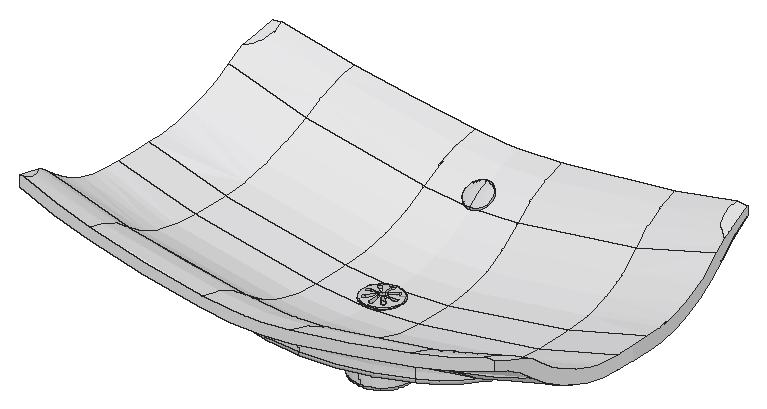
Revit family "Sink-Vessel-Lavatory-KOHLER-ESCALE-K-29018IN_3", category Plumbing Fixtures, host Face, Revit 2017
Family settings
  Host = Face
  Round Connector Dimension = Use Diameter
  Part Type = Normal
  OmniClass Number = 23.31.13.00
  OmniClass Title = Sinks
  Cut with Voids When Loaded = No
  Shared = No
  Room Calculation Point = No
Parameters (values of type "0-White")
  Width = 16 17/128"  # constant formula
  WaterSense Certified = 1 = 0  # no
  Waste Water Outlet = "Waste Water Outlet"  # constant formula
  Waste Connection = 1 = 1  # yes
  Vent Connection = 1 = 0  # no
  URL = "https://www.kohler.co.in/"
  Type = 1
  Product Page URL = "https://www.kohler.co.in/product-detail/29018in?skuid=K-29018IN-0"
  Product Name = "ESCALE"  # constant formula
  Product Documentation Link = "http://resources.kohler.com/plumbing/kohlerindia/pdf/29018IN-0"
  Model = "K-29018IN-0"  # constant formula
  Material = "Vitreous China\r\n"  # constant formula
  MasterFormat 2014 Name = "Residential Lavatories and Sinks"  # constant formula
  MasterFormat 2014 = "22 41 16"  # constant formula
  Manufacturer Address = "Ambience Office Tower NH-8 Gurgaon / Gurugram Haryana , 122001\r\n"  # constant formula
  Manufacturer = "KOHLER Co."  # constant formula
  Length = 23 5/8"  # constant formula
  Hot Water Inlet = "Hot Water Inlet"  # constant formula
  Height = 7 3/64"  # constant formula
  HW Connection = 1 = 0  # no
  Finish = Kohler-Vitreous_China-0-White
  Environmental Product Declaration = ""
  Drain Included = 1 = 0  # no
  Description = "VESSEL 600 MM"  # constant formula
  Default Elevation = 36"
  Declare Label = ""
  Date Modified = "10/12/2020"  # constant formula
  Date Created = "10/12/2020"  # constant formula
  Copyright = "Copyright KOHLER Co."  # constant formula
  Contact Us = "https://www.kohler.co.in/contact-us"
  Cold Water Inlet = "Cold Water Inlet"  # constant formula
  CW Connection = 1 = 0  # no
  Assembly Code = "D2010400"
  ADA Compliant = 1 = 0  # no
Reference planes
  plane 1 "Center (Front/Back)": y = 0
  plane 2: z = 0
  plane 3 "Center (Left/Right)": x = 0
  plane 4: y = -204.773
  plane 5: y = 205
  plane 6: x = -300.037
  plane 7: x = 300.038
  plane 8: z = 107.25
  plane 9: z = -71.741
Forms (mm)
  Extrusion 1, void
    sketch origin (0, 0, 0) x (1, 0, 0) y (0, 1, 0)
      loop
        line (-21.706, 164.536) -> (-21.706, 117.974)
        spline (-21.706, 117.974) -> (-103.899, 96.484) -> (-160.483, 51.252) -> (-177.514, -6.575) -> (-150.794, -62.745) -> (-86.907, -103.413) -> (-1.601, -118.555) -> (84.1, -104.441) -> (149.073, -64.548) -> (177.304, -8.709) -> (161.836, 49.314) -> (106.481, 95.219) -> (24.881, 117.694)
        line (24.881, 117.694) -> (24.881, 164.536) -> (-21.706, 164.536)
    from -71.653 to 15.65
Dimensions and locks
  "Length": plane 6 to plane 7
  "Width": plane 4 to plane 5
  locked: plane 1 "Center (Front/Back)" to plane 5 at 205
  locked: plane 6 to plane 3 "Center (Left/Right)" at 300.037
  "Height": plane 8 to plane 9
  locked: plane 8 to plane 2 at 107.25
  aligned and locked: plane 2 to host face
  aligned and locked: level to host face
Automatic sketch dimensions
  host sketch curve to host sketch curve = 96"  (x2)
  Extrusion 1 sketch curve to plane 3 "Center (Left/Right)" = 0.85458"
  plane 3 "Center (Left/Right)" to Extrusion 1 sketch curve = 0.97958"
  plane 5 to Extrusion 1 sketch curve = 1.59308"
  Extrusion 1 sketch curve to plane 1 "Center (Front/Back)" = 0.00594"
  Extrusion 1 sketch curve to plane 3 "Center (Left/Right)" = 0"
  Extrusion 1 sketch curve to Extrusion 1 sketch curve = 1.83315"
  Extrusion 1 sketch curve to Extrusion 1 sketch curve = 1.84418"
Nested families
  nested 1: "K-29018IN" at (0, 0, 0), type "K-29018IN"
Connectors
  piping at (0, 0, -71.653), diameter 38.1, driven by "Waste Connection", driven by "Waste Water Outlet"
    settings: on nested 1, index 1, connector inside diameter 24", connector length 0", flow factor 0, pipe flow 0 GPM, pressure drop 0.00 psi, fitting loss kfactor 0, connector angle 0.00°, fixture units 0, engagement length 0", angle of deflection 0.00°, flow configuration 0, flow direction 1, fitting loss method 0, system type 16, joint type 0, gender type 0, connector reference index -1, connector utility 1, adjustable connector no, is connector primary yes, connector description "Waste Water Outlet"
Definition of nested family "K-29018IN"
  Parameters (values of type "K-29018IN")
    Material = none
  Reference planes
    plane 1 "Center (Front/Back)": y = 0
    plane 2: z = 0
    plane 3 "Center (Left/Right)": x = 0
    plane 4: z = -57.15
    plane 5: y = 205
    plane 6: x = -300.037
    plane 7: y = -204.788
    plane 8: x = 300.038
    plane 9: z = 107.25
    plane 10: z = -71.75
  Forms (mm)
    Sweep 1, solid, material <- "Material", detail levels medium+fine
      path origin (0, 0, 3.175) x (1, 0, 0) y (0, 0, 1)
        loop
          arc (-495.608, 147.495) -> (-359.703, 66.699) -> (-209.119, 18.505) r 699.165
          arc (-209.119, 18.505) -> (-136.582, 5.275) -> (-63.657, -5.621) r 2299.163
          arc (-63.657, -5.621) -> (0, -9.838) -> (63.657, -5.621) r 482.6
          arc (63.657, -5.621) -> (136.582, 5.275) -> (209.119, 18.505) r 2299.163
          arc (209.119, 18.505) -> (365.907, 71.64) -> (503.705, 163.385) r 636.955
      profile origin (0, 0, -6.663) x (0, 0, 1) y (0, -1, 0)
        loop
          line (0, 0) -> (0, -22.499)
          arc (0, -22.499) -> (10.778, -86.139) -> (41.91, -142.682) r 193.277
          arc (41.91, -142.682) -> (62.87, -177.624) -> (74.084, -216.798) r 156.263
          arc (74.084, -216.798) -> (81.449, -222.383) -> (87.201, -215.148) r 6.612
          arc (87.201, -215.148) -> (76.382, -171.746) -> (53.826, -133.118) r 157.92
          arc (53.826, -133.118) -> (25.192, -81.07) -> (15.28, -22.499) r 177.997
          line (15.28, -22.499) -> (15.28, 22.499)
          arc (15.28, 22.499) -> (25.192, 81.07) -> (53.826, 133.118) r 177.997
          arc (53.826, 133.118) -> (76.382, 171.746) -> (87.201, 215.148) r 157.92
          arc (87.201, 215.148) -> (81.449, 222.383) -> (74.084, 216.798) r 6.612
          arc (74.084, 216.798) -> (62.87, 177.624) -> (41.91, 142.682) r 156.263
          arc (41.91, 142.682) -> (10.778, 86.139) -> (0, 22.499) r 193.277
          line (0, 22.499) -> (0, 0)
    Sweep 2, solid, material <- "Material", detail levels medium+fine
      path origin (0, 3.969, 0) x (1, 0, 0) y (0, 1, 0)
        loop
          arc (-124.199, -112.3) -> (-63.848, -134.456) -> (0, -141.979) r 274.714
          arc (0, -141.979) -> (63.848, -134.456) -> (124.199, -112.3) r 274.714
          arc (124.199, -112.3) -> (163.676, -83.067) -> (191.283, -42.437) r 146.639
          arc (191.283, -42.437) -> (199.175, 5.358) -> (181.832, 50.59) r 92.518
          arc (181.832, 50.59) -> (126.481, 101.143) -> (55.832, 126.2) r 188.987
          arc (55.832, 126.2) -> (0, 130.148) -> (-55.832, 126.2) r 396.78
          arc (-55.832, 126.2) -> (-126.481, 101.143) -> (-181.832, 50.59) r 188.987
          arc (-181.832, 50.59) -> (-199.175, 5.358) -> (-191.283, -42.437) r 92.518
          arc (-191.283, -42.437) -> (-163.676, -83.067) -> (-124.199, -112.3) r 146.639
      profile origin (0, -138.01, 0) x (0, 1, 0) y (0, 0, 1)
        loop
          arc (34.371, 0) -> (21.073, 12.207) -> (8.731, 25.38) r 239.775
          arc (8.731, 25.38) -> (11.362, 15.824) -> (12.152, 5.943) r 52.547
          arc (12.152, 5.943) -> (13.836, 1.746) -> (18.008, 0) r 5.857
          line (18.008, 0) -> (34.371, 0)
    Revolve 3, solid, detail levels medium+fine
      sketch origin (0, 0, 23.458) x (0, 1, 0) y (0, 0, 1)
        loop
          line (0, -52.721) -> (15.797, -52.721) -> (18.386, -23.123)
          arc (18.386, -23.123) -> (17.512, -22.079) -> (16.465, -22.949) r 0.964
          arc (16.465, -22.949) -> (15.305, -25.841) -> (12.753, -27.629) r 5.47
          line (12.753, -27.629) -> (12.753, -14.571) -> (22.638, -14.571)
          arc (22.638, -14.571) -> (23.124, -14.133) -> (23.407, -13.543) r 1.692
          arc (23.407, -13.543) -> (23.322, -13.006) -> (22.872, -12.701) r 0.683
          arc (22.872, -12.701) -> (11.485, -11.109) -> (0, -10.577) r 124.21
          line (0, -10.577) -> (0, -52.721)
        axis (0, -10.577) -> (0, -52.721)
      angle from 0 to 360
    Revolve 4, solid, material <- "Material", detail levels medium+fine
      sketch origin (0, 0, 0) x (0, 1, 0) y (0, 0, 1)
        loop
          line (-31.458, -71.653) -> (-6.458, -71.653) -> (-6.458, -64.479) -> (0, -64.479) -> (0, -25.224) -> (-42.524, -25.224)
          arc (-42.524, -25.224) -> (-39.362, -27.427) -> (-37.917, -30.998) r 6.764
          line (-37.917, -30.998) -> (-34.254, -69.113)
          arc (-34.254, -69.113) -> (-33.347, -70.923) -> (-31.458, -71.653) r 2.809
        axis (0, -25.224) -> (0, -71.653)
      angle from 0 to 360
    Revolve 5, solid, detail levels medium+fine
      sketch origin (0, -4.364, 68.743) x (0, 0.906308, -0.422618) y (0, 0.422618, 0.906308)
        loop
          arc (148.628, 65.473) -> (142.939, 59.752) -> (138.149, 53.259) r 54.949
          line (138.149, 53.259) -> (148.345, 46.836) -> (154.058, 55.905) -> (147.042, 60.324) -> (149.704, 64.55)
          arc (149.704, 64.55) -> (149.564, 65.476) -> (148.628, 65.473) r 0.716
        axis (138.149, 53.259) -> (148.345, 46.836)
      angle from 0 to 360
    Extrusion 6, solid, material <- "Material", detail levels coarse
      sketch origin (0, 0, 0) x (1, 0, 0) y (0, 1, 0)
        loop
          arc (-283.305, 190.623) -> (-298.327, 0.569) -> (-283.492, -189.499) r 1217.309
          arc (-283.492, -189.499) -> (1.619, -203.985) -> (286.718, -189.276) r 2791.553
          arc (286.718, -189.276) -> (301.361, 0.552) -> (286.718, 190.38) r 1237.807
          arc (286.718, 190.38) -> (1.713, 205.089) -> (-283.305, 190.623) r 2791.553
      from 0 to 127
    Extrusion 7, void
      sketch origin (0, 0, 0) x (1, 0, 0) y (0, 1, 0)
        loop
          arc (-279.585, 184.723) -> (-292.345, -0.005) -> (-279.514, -184.728) r 1339.834
          arc (-279.514, -184.728) -> (0.001, -196.271) -> (279.516, -184.716) r 3388.209
          arc (279.516, -184.716) -> (292.345, -0.005) -> (279.587, 184.71) r 1339.834
          arc (279.587, 184.71) -> (0.001, 196.271) -> (-279.585, 184.723) r 3388.209
      from 6.35 to 144.301
    Extrusion 8, solid, material <- "Material", detail levels coarse
      sketch origin (0, 0, 0) x (1, 0, 0) y (0, 1, 0)
        loop
          circle (0, 0) r 27.377
      from -57.15 to -25.224
    Extrusion 9, void
      sketch origin (0, 0, 34.925) x (0, 1, 0) y (0, 0, 1)
        loop
          line (231.845, 109.631) -> (231.845, 220.756) -> (-230.348, 220.756) -> (-230.348, 109.631)
          arc (-230.348, 109.631) -> (-216.637, 102.01) -> (-202.52, 95.169) r 279.73
          arc (-202.52, 95.169) -> (-32.643, 59.269) -> (140.229, 75.464) r 577.745
          arc (140.229, 75.464) -> (187.501, 88.623) -> (231.845, 109.631) r 287.434
      from -539.824 to 534.674
    Extrusion 10, void
      sketch origin (0, 0, 0) x (1, 0, 0) y (0, 1, 0)
        loop
          arc (286.718, 190.38) -> (1.713, 205.089) -> (-283.305, 190.623) r 2791.553
          arc (-283.305, 190.623) -> (-298.327, 0.569) -> (-283.492, -189.499) r 1217.309
          arc (-283.492, -189.499) -> (1.619, -203.985) -> (286.718, -189.276) r 2791.553
          arc (286.718, -189.276) -> (301.361, 0.552) -> (286.718, 190.38) r 1237.807
        loop
          line (409.744, 239.684) -> (-415.756, 239.684) -> (-415.756, -242.916) -> (409.744, -242.916) -> (409.744, 239.684)
      from -47.533 to 166.819
    Blend 11, solid, material <- "Material", detail levels medium+fine
      base sketch origin (0, 0, 0) x (1, 0, 0) y (0, 1, 0)
        loop
          circle (0, 0) r 42.264
      top sketch origin (0, 0, 0) x (1, 0, 0) y (0, 1, 0)
        loop
          spline (175.838, 0) -> (169.846, 29.151) -> (152.28, 56.315) -> (124.336, 79.641) -> (87.919, 97.54) -> (45.51, 108.792) -> (0, 112.63) -> (-45.51, 108.792) -> (-87.919, 97.54) -> (-124.336, 79.641) -> (-152.28, 56.315) -> (-169.846, 29.151) -> (-175.838, 0)
          spline (-175.838, 0) -> (-169.846, -29.151) -> (-152.28, -56.315) -> (-124.336, -79.641) -> (-87.919, -97.54) -> (-45.51, -108.792) -> (0, -112.63) -> (45.51, -108.792) -> (87.919, -97.54) -> (124.336, -79.641) -> (152.28, -56.315) -> (169.846, -29.151) -> (175.838, 0)
      from -25.224 to 6.35
    Revolve 12, void
      sketch origin (0, 0, 0) x (0, 1, 0) y (0, 0, 1)
        loop
          line (0, 9.605) -> (0, 1.587) -> (17.108, 1.587)
          arc (17.108, 1.587) -> (18.768, 7.185) -> (24.081, 9.605) r 7.041
          line (24.081, 9.605) -> (0, 9.605)
        axis (0, 9.605) -> (0, 1.587)
      angle from 0 to 360
    Sweep 13, solid, material <- "Material", detail levels medium+fine
      path origin (0, 0, 0) x (0, 1, 0) y (0, 0, 1)
        loop
          line (15.104, -67.656) -> (20.902, -67.656)
          arc (20.902, -67.656) -> (33.372, -66.29) -> (45.251, -62.257) r 57.616
          line (45.251, -62.257) -> (73.976, -48.863)
          arc (73.976, -48.863) -> (84.084, -44.935) -> (94.619, -42.364) r 82.629
          line (94.619, -42.364) -> (106.273, -40.32)
          arc (106.273, -40.32) -> (115.271, -39.141) -> (124.337, -38.747) r 104.544
          line (124.337, -38.747) -> (164.337, -38.747)
      profile origin (0, 144.337, -38.747) x (0, 0, 1) y (1, 0, 0)
        loop
          line (40.497, 24.088) -> (6.229, 24.088)
          arc (6.229, 24.088) -> (1.824, 22.263) -> (0, 17.859) r 6.229
          line (0, 17.859) -> (0, -14.819)
          arc (0, -14.819) -> (1.785, -19.128) -> (6.094, -20.912) r 6.094
          line (6.094, -20.912) -> (40.497, -20.912) -> (40.497, 24.088)
    Extrusion 14, solid, material <- "Material", detail levels medium+fine
      sketch origin (0, 0, 0) x (0, 1, 0) y (0, 0, 1)
        loop
          line (121.735, 1.75) -> (195.792, 1.75)
          arc (195.792, 1.75) -> (199.883, 3.393) -> (201.702, 7.408) r 5.915
          line (201.702, 7.408) -> (204.277, 66.747)
          arc (204.277, 66.747) -> (161.774, 48.76) -> (123.888, 22.402) r 222.827
          arc (123.888, 22.402) -> (121.64, 12.198) -> (121.735, 1.75) r 46.347
      from -20.912 to 24.088
    Extrusion 15, solid, material <- "Material", detail levels coarse
      sketch origin (0, 0, 0) x (1, 0, 0) y (0, 1, 0)
        loop
          spline (-160, 0) -> (-154.548, -20.706) -> (-138.564, -40) -> (-113.137, -56.569) -> (-80, -69.282) -> (-41.411, -77.274) -> (0, -80) -> (41.411, -77.274) -> (80, -69.282) -> (113.137, -56.569) -> (138.564, -40) -> (154.548, -20.706) -> (160, 0)
          spline (160, 0) -> (154.548, 20.706) -> (138.564, 40) -> (113.137, 56.569) -> (80, 69.282) -> (41.411, 77.274) -> (0, 80) -> (-41.411, 77.274) -> (-80, 69.282) -> (-113.137, 56.569) -> (-138.564, 40) -> (-154.548, 20.706) -> (-160, 0)
      from -25.224 to 0
    Revolve 16, solid, material <- "Material", detail levels coarse
      sketch origin (0, 0, 0) x (0, 1, 0) y (0, 0, 1)
        loop
          line (-37.917, -71.653) -> (0, -71.653) -> (0, -25.224) -> (-37.917, -25.224) -> (-37.917, -71.653)
        axis (0, -25.224) -> (0, -71.653)
      angle from 0 to 360
    Extrusion 17, void
      sketch origin (0, 0, 0) x (1, 0, 0) y (0, 1, 0)
        loop
          line (-2.736, 15.988) -> (-1.468, 5.662)
          arc (-1.468, 5.662) -> (0, 4.364) -> (1.468, 5.662) r 1.479
          line (1.468, 5.662) -> (2.736, 15.988)
          arc (2.736, 15.988) -> (0, 19.08) -> (-2.736, 15.988) r 2.756
        loop
          circle (0, 0) r 3.578
        loop
          arc (-2.736, -15.988) -> (0, -19.08) -> (2.736, -15.988) r 2.756
          line (2.736, -15.988) -> (1.468, -5.662)
          arc (1.468, -5.662) -> (0, -4.364) -> (-1.468, -5.662) r 1.479
          line (-1.468, -5.662) -> (-2.736, -15.988)
        loop
          arc (15.988, -2.736) -> (19.08, 0) -> (15.988, 2.736) r 2.756
          line (15.988, 2.736) -> (5.662, 1.468)
          arc (5.662, 1.468) -> (4.364, 0) -> (5.662, -1.468) r 1.479
          line (5.662, -1.468) -> (15.988, -2.736)
        loop
          line (-15.988, -2.736) -> (-5.662, -1.468)
          arc (-5.662, -1.468) -> (-4.364, 0) -> (-5.662, 1.468) r 1.479
          line (-5.662, 1.468) -> (-15.988, 2.736)
          arc (-15.988, 2.736) -> (-19.08, 0) -> (-15.988, -2.736) r 2.756
        loop
          line (-13.24, 9.371) -> (-5.042, 2.966)
          arc (-5.042, 2.966) -> (-3.086, 3.086) -> (-2.966, 5.042) r 1.479
          line (-2.966, 5.042) -> (-9.371, 13.24)
          arc (-9.371, 13.24) -> (-13.492, 13.492) -> (-13.24, 9.371) r 2.756
        loop
          arc (13.24, 9.371) -> (13.492, 13.492) -> (9.371, 13.24) r 2.756
          line (9.371, 13.24) -> (2.966, 5.042)
          arc (2.966, 5.042) -> (3.086, 3.086) -> (5.042, 2.966) r 1.479
          line (5.042, 2.966) -> (13.24, 9.371)
        loop
          line (13.24, -9.371) -> (5.042, -2.966)
          arc (5.042, -2.966) -> (3.086, -3.086) -> (2.966, -5.042) r 1.479
          line (2.966, -5.042) -> (9.371, -13.24)
          arc (9.371, -13.24) -> (13.492, -13.492) -> (13.24, -9.371) r 2.756
        loop
          arc (-13.24, -9.371) -> (-13.492, -13.492) -> (-9.371, -13.24) r 2.756
          line (-9.371, -13.24) -> (-2.966, -5.042)
          arc (-2.966, -5.042) -> (-3.086, -3.086) -> (-5.042, -2.966) r 1.479
          line (-5.042, -2.966) -> (-13.24, -9.371)
      from 8.887 to 18.538
  Cuts and joins
    Extrusion 7 cuts Extrusion 6
    joined: Extrusion 6, Extrusion 8, Extrusion 15, Revolve 16
    Extrusion 9, Extrusion 10, Revolve 12 cuts Sweep 1
    Revolve 12 cuts Sweep 2
    Revolve 12 cuts Blend 11
    joined: Sweep 1, Sweep 2, Blend 11
    joined: Revolve 4, Sweep 13
    Extrusion 17 cuts Revolve 3
  Lines and regions (mm)
    Masking region 1
      outline origin (0, 0, 0) x (1, 0, 0) y (0, 1, 0)
        loop
          arc (-271.587, 191.328) -> (-281.982, 186.538) -> (-287.233, 176.367) r 17.6
          arc (-287.233, 176.367) -> (-300.036, -1.144) -> (-286.751, -178.619) r 1214.1
          arc (-286.751, -178.619) -> (-281.124, -187.307) -> (-271.587, -191.328) r 17.6
          arc (-271.587, -191.328) -> (0, -205) -> (271.587, -191.328) r 2704.341
          arc (271.587, -191.328) -> (281.124, -187.307) -> (286.751, -178.619) r 17.6
          arc (286.751, -178.619) -> (300.036, -1.144) -> (287.233, 176.367) r 1214.1
          arc (287.233, 176.367) -> (281.982, 186.538) -> (271.587, 191.328) r 17.6
          arc (271.587, 191.328) -> (0, 205) -> (-271.587, 191.328) r 2704.341
    Masking region 2
      outline origin (0, 0, 0) x (1, 0, 0) y (0, 0, 1)
        loop
          arc (-271.142, 107.25) -> (-281.924, 105.124) -> (-290.617, 98.401) r 23.916
          line (-290.617, 98.401) -> (-298.932, 88.133)
          arc (-298.932, 88.133) -> (-299.788, 86.573) -> (-300.043, 84.812) r 5
          line (-300.043, 84.812) -> (-299.645, 73.41)
          arc (-299.645, 73.41) -> (-298.352, 69.839) -> (-295.214, 67.7) r 6.177
          arc (-295.214, 67.7) -> (-285.053, 64.072) -> (-275.373, 59.31) r 94.516
          line (-275.373, 59.31) -> (-195.454, 14.159)
          arc (-195.454, 14.159) -> (-192.016, 11.238) -> (-189.906, 7.251) r 11.945
          line (-189.906, 7.251) -> (-188.214, 1.715)
          arc (-188.214, 1.715) -> (-187.337, 0.475) -> (-185.896, 0) r 2.424
          line (-185.896, 0) -> (-149.802, 0)
          arc (-149.802, 0) -> (-145.488, -0.421) -> (-141.338, -1.67) r 22.285
          arc (-141.338, -1.67) -> (-92.077, -19.1) -> (-41.335, -31.574) r 527.969
          arc (-41.335, -31.574) -> (-38.572, -33.137) -> (-37.306, -36.047) r 5
          line (-37.306, -36.047) -> (-34.359, -69.732)
          arc (-34.359, -69.732) -> (-33.65, -71.169) -> (-32.157, -71.75) r 2.21
          line (-32.157, -71.75) -> (0, -71.75) -> (32.157, -71.75)
          arc (32.157, -71.75) -> (33.65, -71.169) -> (34.359, -69.732) r 2.21
          line (34.359, -69.732) -> (37.306, -36.047)
          arc (37.306, -36.047) -> (38.572, -33.137) -> (41.335, -31.574) r 5
          arc (41.335, -31.574) -> (92.077, -19.1) -> (141.338, -1.67) r 527.969
          arc (141.338, -1.67) -> (145.488, -0.421) -> (149.802, 0) r 22.285
          line (149.802, 0) -> (185.896, 0)
          arc (185.896, 0) -> (187.337, 0.475) -> (188.214, 1.715) r 2.424
          line (188.214, 1.715) -> (189.906, 7.251)
          arc (189.906, 7.251) -> (192.016, 11.238) -> (195.454, 14.159) r 11.945
          line (195.454, 14.159) -> (275.373, 59.31)
          arc (275.373, 59.31) -> (285.053, 64.072) -> (295.214, 67.7) r 94.516
          arc (295.214, 67.7) -> (298.352, 69.839) -> (299.645, 73.41) r 6.177
          line (299.645, 73.41) -> (300.043, 84.812)
          arc (300.043, 84.812) -> (299.788, 86.573) -> (298.932, 88.133) r 5
          line (298.932, 88.133) -> (290.617, 98.401)
          arc (290.617, 98.401) -> (281.924, 105.124) -> (271.142, 107.25) r 23.916
          arc (271.142, 107.25) -> (135.83, 94.672) -> (0, 90.474) r 2199.499
          arc (0, 90.474) -> (-135.83, 94.672) -> (-271.142, 107.25) r 2199.499
    Masking region 3
      outline origin (0, 0, 0) x (0, 1, 0) y (0, 0, 1)
        loop
          arc (175.048, 106.275) -> (87.877, 94.475) -> (0, 90.531) r 980.981
          arc (0, 90.531) -> (-87.877, 94.475) -> (-175.048, 106.275) r 980.981
          arc (-175.048, 106.275) -> (-179.103, 106.885) -> (-183.188, 107.248) r 67.771
          arc (-183.188, 107.248) -> (-187.238, 106.534) -> (-190.538, 104.078) r 8.916
          line (-190.538, 104.078) -> (-203.835, 88.231)
          arc (-203.835, 88.231) -> (-204.543, 86.995) -> (-204.776, 85.589) r 4.023
          line (-204.776, 85.589) -> (-204.607, 73.355)
          arc (-204.607, 73.355) -> (-203.638, 70.272) -> (-201.133, 68.23) r 5.632
          arc (-201.133, 68.23) -> (-190.107, 62.012) -> (-180.883, 53.341) r 52.662
          arc (-180.883, 53.341) -> (-162.322, 32.108) -> (-142.824, 11.731) r 626.451
          arc (-142.824, 11.731) -> (-140.969, 9.358) -> (-139.743, 6.607) r 12.344
          line (-139.743, 6.607) -> (-137.949, 0.737)
          arc (-137.949, 0.737) -> (-137.572, 0.204) -> (-136.953, 0) r 1.042
          line (-136.953, 0) -> (-121.456, 0)
          arc (-121.456, 0) -> (-116.577, -0.678) -> (-112.068, -2.662) r 17.885
          arc (-112.068, -2.662) -> (-77.894, -19.88) -> (-41.279, -31.003) r 223.035
          arc (-41.279, -31.003) -> (-38.573, -32.58) -> (-37.336, -35.458) r 5
          line (-37.336, -35.458) -> (-34.335, -69.759)
          arc (-34.335, -69.759) -> (-33.739, -71.168) -> (-32.325, -71.75) r 2.01
          line (-32.325, -71.75) -> (32.325, -71.75)
          arc (32.325, -71.75) -> (33.739, -71.168) -> (34.335, -69.759) r 2.01
          arc (34.335, -69.759) -> (34.947, -67.716) -> (36.554, -66.313) r 3.844
          line (36.554, -66.313) -> (78.145, -46.919)
          arc (78.145, -46.919) -> (83.993, -44.646) -> (90.089, -43.159) r 47.807
          line (90.089, -43.159) -> (111.681, -39.371)
          arc (111.681, -39.371) -> (115.25, -38.903) -> (118.847, -38.747) r 41.469
          line (118.847, -38.747) -> (159.437, -38.747)
          arc (159.437, -38.747) -> (163.49, -37.155) -> (165.375, -33.23) r 5.954
          line (165.375, -33.23) -> (167.406, -5.661)
          arc (167.406, -5.661) -> (169.341, -1.634) -> (173.5, 0) r 6.11
          line (173.5, 0) -> (198.353, 0)
          arc (198.353, 0) -> (200.593, 0.901) -> (201.588, 3.102) r 3.238
          line (201.588, 3.102) -> (205.025, 84.777)
          arc (205.025, 84.777) -> (204.763, 86.598) -> (203.86, 88.201) r 5
          line (203.86, 88.201) -> (190.538, 104.078)
          arc (190.538, 104.078) -> (187.238, 106.534) -> (183.188, 107.248) r 8.916
          arc (183.188, 107.248) -> (179.103, 106.885) -> (175.048, 106.275) r 67.771
    symbolic lines
      curve 1: arc (-267.512, 185.7, 0) -> (0.001, 196.271, 0) -> (267.515, 185.688, 0) r 3388.209
      curve 2: arc (-281.204, 172.677, 0) -> (-292.345, -0.008, 0) -> (-281.137, -172.688, 0) r 1339.834
      curve 3: arc (-281.204, 172.677, 0) -> (-276.666, 181.616, 0) -> (-267.512, 185.7, 0) r 15
      curve 4: arc (-267.446, -185.705, 0) -> (0.001, -196.271, 0) -> (267.448, -185.693, 0) r 3388.209
      curve 5: arc (281.205, 172.665, 0) -> (292.345, -0.008, 0) -> (281.138, -172.676, 0) r 1339.834
      curve 6: arc (-281.137, -172.688, 0) -> (-276.598, -181.623, 0) -> (-267.446, -185.705, 0) r 15
      curve 7: arc (267.448, -185.693, 0) -> (276.6, -181.61, 0) -> (281.138, -172.676, 0) r 15
      curve 8: arc (267.515, 185.688, 0) -> (276.668, 181.603, 0) -> (281.205, 172.665, 0) r 15
      curve 11: circle (0, 0, 0) r 32.358 normal (0, 0, 1)
    symbolic lines, detail levels medium+fine
      curve 9: spline (-17.809, 161.298, 0) -> (-17.202, 158.383, 0) -> (-15.423, 155.667, 0) -> (-12.593, 153.334, 0) -> (-8.904, 151.545, 0) -> (-4.609, 150.419, 0) -> (0, 150.036, 0) -> (4.609, 150.419, 0) -> (8.904, 151.545, 0) -> (12.593, 153.334, 0) -> (15.423, 155.667, 0) -> (17.202, 158.383, 0) -> (17.809, 161.298, 0) -> (17.202, 164.212, 0) -> (15.423, 166.929, 0) -> (12.593, 169.261, 0) -> (8.904, 171.051, 0) -> (4.609, 172.176, 0) -> (0, 172.559, 0) -> (-4.609, 172.176, 0) -> (-8.904, 171.051, 0) -> (-12.593, 169.261, 0) -> (-15.423, 166.929, 0) -> (-17.202, 164.212, 0) -> (-17.809, 161.298, 0)
      curve 10: spline (-195, 0, 0) -> (-188.356, 36.518, 0) -> (-168.875, 70.547, 0) -> (-137.886, 99.768, 0) -> (-97.5, 122.191, 0) -> (-50.47, 136.286, 0) -> (0, 141.093, 0) -> (50.47, 136.286, 0) -> (97.5, 122.191, 0) -> (137.886, 99.768, 0) -> (168.875, 70.547, 0) -> (188.356, 36.518, 0) -> (195, 0, 0) -> (188.356, -36.518, 0) -> (168.875, -70.547, 0) -> (137.886, -99.768, 0) -> (97.5, -122.191, 0) -> (50.47, -136.286, 0) -> (0, -141.093, 0) -> (-50.47, -136.286, 0) -> (-97.5, -122.191, 0) -> (-137.886, -99.768, 0) -> (-168.875, -70.547, 0) -> (-188.356, -36.518, 0) -> (-195, 0, 0)
      curve 12: circle (0, 0, 0) r 25 normal (0, 0, 1)
      curve 13: arc (-267.294, 0, 83.23) -> (-133.868, 0, 71.717) -> (0, 0, 67.875) r 2334.155
      curve 14: line (-281.515, 0, 82.741) -> (-293.062, 0, 70.564)
      curve 15: line (-293.062, 0, 70.564) -> (-295.607, 0, 68.019)
      curve 16: arc (-278.676, 0, 83.59) -> (-272.978, 0, 83.647) -> (-267.294, 0, 83.23) r 68.573
      curve 17: arc (-281.515, 0, 82.741) -> (-280.147, 0, 83.336) -> (-278.676, 0, 83.59) r 6.255
      curve 18: arc (267.294, 0, 83.23) -> (133.868, 0, 71.717) -> (0, 0, 67.875) r 2334.155
      curve 19: line (281.515, 0, 82.741) -> (293.062, 0, 70.564)
      curve 20: line (293.062, 0, 70.564) -> (295.607, 0, 68.019)
      curve 21: arc (278.676, 0, 83.59) -> (272.978, 0, 83.647) -> (267.294, 0, 83.23) r 68.573
      curve 22: arc (281.515, 0, 82.741) -> (280.147, 0, 83.336) -> (278.676, 0, 83.59) r 6.255
      curve 23: line (-41.335, 0, -31.574) -> (41.335, 0, -31.574)
      curve 24: line (-34.359, 0, -69.732) -> (34.359, 0, -69.732)
      curve 25: line (-149.802, 0, 0) -> (149.802, 0, 0)
      curve 26: arc (-195.454, 0, 14.159) -> (0, 0, 12.145) -> (195.454, 0, 14.159) r 9485.996
      curve 27: line (-287.371, 0, 101.698) -> (-284.06, 0, 80.058)
      curve 28: line (287.371, 0, 101.698) -> (284.06, 0, 80.058)
      curve 29: arc (0, 176.902, 82.935) -> (0, 88.771, 71.647) -> (0, 0, 67.875) r 1046.543
      curve 30: line (0, 186.393, 82.935) -> (0, 198.34, 72.177)
      curve 31: arc (0, 198.34, 72.177) -> (0, 200.639, 69.076) -> (0, 201.551, 65.325) r 9.725
      curve 32: arc (0, 136.893, 7.707) -> (0, 153.767, 21.702) -> (0, 169.449, 37.02) r 269.981
      curve 33: line (0, 169.449, 37.02) -> (0, 189.512, 57.083)
      curve 34: arc (0, 189.512, 57.083) -> (0, 195.149, 61.762) -> (0, 201.551, 65.325) r 39.645
      curve 35: arc (0, 186.393, 82.935) -> (0, 181.647, 83.339) -> (0, 176.902, 82.935) r 28.074
      curve 36: arc (0, -176.902, 82.935) -> (0, -88.771, 71.647) -> (0, 0, 67.875) r 1046.543
      curve 37: line (0, -186.393, 82.935) -> (0, -198.34, 72.177)
      curve 38: arc (0, -186.393, 82.935) -> (0, -181.647, 83.339) -> (0, -176.902, 82.935) r 28.074
      curve 39: line (0, 173.5, 0) -> (0, -121.456, 0)
      curve 40: arc (0, 133.953, 2.912) -> (0, 134.976, 5.584) -> (0, 136.893, 7.707) r 7.798
      curve 41: arc (0, 132.053, 0) -> (0, 133.296, 1.265) -> (0, 133.953, 2.912) r 4.496
      curve 42: arc (0, 136.893, 7.707) -> (0, -1.593, 7.431) -> (0, -140.08, 7.707) r 34814.333
      curve 43: arc (0, 35.235, -31.846) -> (0, 74.041, -20.661) -> (0, 110.193, -2.662) r 223.035
      curve 44: arc (0, 110.193, -2.662) -> (0, 114.702, -0.678) -> (0, 119.581, 0) r 17.885
      curve 45: line (0, 29.603, -61.25) -> (0, 32.5, -34.811)
      curve 46: arc (0, 35.389, -66.945) -> (0, 31.116, -65.499) -> (0, 29.603, -61.25) r 5.172
      curve 47: arc (0, 32.5, -34.811) -> (0, 33.38, -32.878) -> (0, 35.235, -31.846) r 3.396
      curve 48: arc (0, 35.235, -31.846) -> (0, -2.153, -32.633) -> (0, -39.539, -31.736) r 830.638
      curve 49: line (0, 34.335, -69.759) -> (0, -34.335, -69.759)
      curve 50: arc (0, -198.34, 72.177) -> (0, -199.675, 70.108) -> (0, -199.784, 67.649) r 4.707
      curve 51: arc (0, 201.551, 65.325) -> (0, 203.658, 67.14) -> (0, 204.396, 69.822) r 4.772
      curve 52: line (0, 186.393, 82.935) -> (0, 190.538, 104.078)
      curve 53: line (0, -186.393, 82.935) -> (0, -190.538, 104.078)
      curve 54: line (-2.736, 15.988, 0) -> (-1.468, 5.662, 0)
      curve 55: circle (0, 0, 0) r 3.578 normal (0, 0, 1)
      curve 56: line (2.736, 15.988, 0) -> (1.468, 5.662, 0)
      curve 57: arc (2.736, 15.988, 0) -> (0, 19.08, 0) -> (-2.736, 15.988, 0) r 2.756
      curve 58: arc (-1.468, 5.662, 0) -> (0, 4.364, 0) -> (1.468, 5.662, 0) r 1.479
      curve 59: line (-2.736, -15.988, 0) -> (-1.468, -5.662, 0)
      curve 60: line (2.736, -15.988, 0) -> (1.468, -5.662, 0)
      curve 61: arc (2.736, -15.988, 0) -> (0, -19.08, 0) -> (-2.736, -15.988, 0) r 2.756
      curve 62: arc (-1.468, -5.662, 0) -> (0, -4.364, 0) -> (1.468, -5.662, 0) r 1.479
      curve 63: line (15.988, -2.736, 0) -> (5.662, -1.468, 0)
      curve 64: line (15.988, 2.736, 0) -> (5.662, 1.468, 0)
      curve 65: arc (15.988, 2.736, 0) -> (19.08, 0, 0) -> (15.988, -2.736, 0) r 2.756
      curve 66: arc (5.662, -1.468, 0) -> (4.364, 0, 0) -> (5.662, 1.468, 0) r 1.479
      curve 67: line (-15.988, -2.736, 0) -> (-5.662, -1.468, 0)
      curve 68: line (-15.988, 2.736, 0) -> (-5.662, 1.468, 0)
      curve 69: arc (-15.988, 2.736, 0) -> (-19.08, 0, 0) -> (-15.988, -2.736, 0) r 2.756
      curve 70: arc (-5.662, -1.468, 0) -> (-4.364, 0, 0) -> (-5.662, 1.468, 0) r 1.479
      curve 71: line (-13.24, 9.371, 0) -> (-5.042, 2.966, 0)
      curve 72: line (-9.371, 13.24, 0) -> (-2.966, 5.042, 0)
      curve 73: arc (-9.371, 13.24, 0) -> (-13.492, 13.492, 0) -> (-13.24, 9.371, 0) r 2.756
      curve 74: arc (-5.042, 2.966, 0) -> (-3.086, 3.086, 0) -> (-2.966, 5.042, 0) r 1.479
      curve 75: line (13.24, 9.371, 0) -> (5.042, 2.966, 0)
      curve 76: line (9.371, 13.24, 0) -> (2.966, 5.042, 0)
      curve 77: arc (9.371, 13.24, 0) -> (13.492, 13.492, 0) -> (13.24, 9.371, 0) r 2.756
      curve 78: arc (5.042, 2.966, 0) -> (3.086, 3.086, 0) -> (2.966, 5.042, 0) r 1.479
      curve 79: line (13.24, -9.371, 0) -> (5.042, -2.966, 0)
      curve 80: line (9.371, -13.24, 0) -> (2.966, -5.042, 0)
      curve 81: arc (9.371, -13.24, 0) -> (13.492, -13.492, 0) -> (13.24, -9.371, 0) r 2.756
      curve 82: arc (5.042, -2.966, 0) -> (3.086, -3.086, 0) -> (2.966, -5.042, 0) r 1.479
      curve 83: line (-13.24, -9.371, 0) -> (-5.042, -2.966, 0)
      curve 84: line (-9.371, -13.24, 0) -> (-2.966, -5.042, 0)
      curve 85: arc (-9.371, -13.24, 0) -> (-13.492, -13.492, 0) -> (-13.24, -9.371, 0) r 2.756
      curve 86: arc (-5.042, -2.966, 0) -> (-3.086, -3.086, 0) -> (-2.966, -5.042, 0) r 1.479
  Dimensions and locks
    plane 1 "Center (Front/Back)" to plane 5 = 8.07087"
    plane 5 to plane 7 = 16.13337"
    plane 6 to plane 8 = 23 5/8"
    plane 2 to plane 4 = 2 1/4"
    plane 9 to level = 4.22244"
    plane 6 to plane 3 "Center (Left/Right)" = 11 13/16"
    plane 9 to plane 10 = 7.04724"
    plane 9 to plane 2 = 4.22244"
    aligned and locked: plane 2 to level
